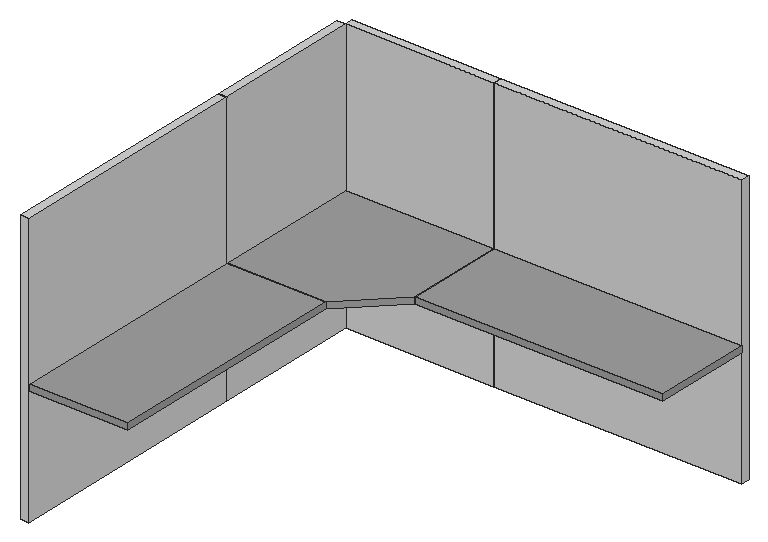
Revit family
Parameters (values of type "96" x 96"")
  Assembly Code = "E2020"
  Cube Panel Material = Textile - Light Gray
  Desktop Height = 2' - 6"
  Desktop1 Width = 2' - 0"
  Desktop2 Width = 2' - 0"
  Panel Height = 5' - 6"
  Panel1 Length = 5' - 0"
  Panel2 Length = 5' - 0"
  Work Top Material = Laminate - Ivory, Matte
Reference planes (in)
  plane 1 "Center (Front/Back)": y = -19.48909
  plane 2: z = 0
  plane 3 "Center (Left/Right)": x = -5.18629
  plane 4 "Work Surface": z = 30
  plane 5: z = 66
  plane 6: z = 28.5
  plane 7: x = -3.18629
  plane 8: y = -21.48909
  plane 9: x = 32.81371
  plane 10: x = 92.81371
  plane 11: y = -117.48909
  plane 12: y = -57.48909
  plane 13: x = 20.81371
  plane 14: y = -45.48909
Forms (in)
  Extrusion 1, solid, material "Textile - Light Gray" <- "Cube Panel Material"
    sketch origin (0, 0, 0) x (1, 0, 0) y (0, 1, 0)
      loop
        line (-5.18629, -117.48909) -> (-3.18629, -117.48909) -> (-3.18629, -57.48909) -> (-5.18629, -57.48909) -> (-5.18629, -117.48909)
    from 0 to 66
  Extrusion 2, solid, material "Textile - Light Gray" <- "Cube Panel Material"
    sketch origin (0, 0, 0) x (1, 0, 0) y (0, 1, 0)
      loop
        line (-5.18629, -57.48909) -> (-3.18629, -57.48909) -> (-3.18629, -21.48909) -> (-5.18629, -21.48909) -> (-5.18629, -57.48909)
    from 0 to 66
  Extrusion 3, solid, material "Textile - Light Gray" <- "Cube Panel Material"
    sketch origin (0, 0, 0) x (1, 0, 0) y (0, 1, 0)
      loop
        line (-3.18629, -21.48909) -> (32.81371, -21.48909) -> (32.81371, -19.48909) -> (-3.18629, -19.48909) -> (-3.18629, -21.48909)
    from 0 to 66
  Extrusion 4, solid, material "Textile - Light Gray" <- "Cube Panel Material"
    sketch origin (0, 0, 0) x (1, 0, 0) y (0, 1, 0)
      loop
        line (32.81371, -21.48909) -> (92.81371, -21.48909) -> (92.81371, -19.48909) -> (32.81371, -19.48909) -> (32.81371, -21.48909)
    from 0 to 66
  Extrusion 5, solid, material "Laminate - Ivory, Matte" <- "Work Top Material"
    sketch origin (0, 0, 0) x (1, 0, 0) y (0, 1, 0)
      loop
        line (-3.18629, -117.48909) -> (20.81371, -117.48909) -> (20.81371, -57.48909) -> (-3.18629, -57.48909) -> (-3.18629, -117.48909)
      loop
        line (32.81371, -45.48909) -> (92.81371, -45.48909) -> (92.81371, -21.48909) -> (32.81371, -21.48909) -> (32.81371, -45.48909)
    from 28.5 to 30
  Extrusion 6, solid, material "Laminate - Ivory, Matte" <- "Work Top Material"
    sketch origin (0, 0, 0) x (1, 0, 0) y (0, 1, 0)
      loop
        line (-3.18629, -57.48909) -> (20.81371, -57.48909) -> (32.81371, -45.48909) -> (32.81371, -21.48909) -> (-3.18629, -21.48909) -> (-3.18629, -57.48909)
    from 28.5 to 30
Lines and regions (in)
  Masking region 1
    outline origin (0, 0, 0) x (1, 0, 0) y (0, 1, 0)
      loop
        line (-5.18629, -21.48909) -> (-5.18629, -117.48909) -> (-3.18629, -117.48909) -> (-3.18629, -21.48909) -> (-5.18629, -21.48909)
  Masking region 2
    outline origin (0, 0, 0) x (1, 0, 0) y (0, 1, 0)
      loop
        line (-3.18629, -19.48909) -> (-3.18629, -21.48909) -> (92.81371, -21.48909) -> (92.81371, -19.48909) -> (-3.18629, -19.48909)
  Masking region 3
    outline origin (0, 0, 30) x (1, 0, 0) y (0, 1, 0)
      loop
        line (-3.18629, -21.48909) -> (-3.18629, -117.48909) -> (20.81371, -117.48909) -> (20.81371, -57.48909) -> (32.81371, -45.48909) -> (92.81371, -45.48909) -> (92.81371, -21.48909) -> (-3.18629, -21.48909)
  symbolic lines
    curve 1: line (32.81371, -21.48909, 0) -> (32.81371, -19.48909, 0)
    curve 2: line (-3.18629, -57.48909, 0) -> (-5.18629, -57.48909, 0)
    curve 3: line (32.81371, -45.48909, 30) -> (32.81371, -21.48909, 30)
    curve 4: line (20.81371, -57.48909, 30) -> (-3.18629, -57.48909, 30)
Dimensions and locks (in)
  "Panel Height": plane 5 to plane 2
  "Desktop Height": plane 4 "Work Surface" to plane 2
  locked: plane 6 to plane 4 "Work Surface" at 1.5
  locked: plane 7 to plane 9 at 36
  "Panel2 Length": plane 9 to plane 10
  plane 3 "Center (Left/Right)" to plane 10 = 8' - 2"
  plane 11 to plane 1 "Center (Front/Back)" = 8' - 2"
  locked: plane 12 to plane 8 at 36
  "Panel1 Length": plane 11 to plane 12
  locked: plane 8 to plane 1 "Center (Front/Back)" at 2
  locked: plane 3 "Center (Left/Right)" to plane 7 at 2
  "Desktop1 Width": plane 7 to plane 13
  "Desktop2 Width": plane 14 to plane 8
  aligned and locked: Extrusion 1 to plane 5
  aligned and locked: Extrusion 2 to plane 5
  aligned and locked: Extrusion 4 to plane 5
  aligned and locked: Extrusion 3 to plane 5
  aligned and locked: Extrusion 5 to plane 4 "Work Surface"
  aligned and locked: Extrusion 6 to plane 4 "Work Surface"
  aligned and locked: plane 6 to Extrusion 5
  aligned and locked: plane 6 to Extrusion 6
  aligned and locked: plane 3 "Center (Left/Right)" to Masking region 1 sketch curve
  aligned and locked: Masking region 1 sketch curve to plane 11
  aligned and locked: Masking region 1 sketch curve to plane 7
  aligned and locked: plane 8 to Masking region 1 sketch curve
  aligned and locked: plane 1 "Center (Front/Back)" to Masking region 2 sketch curve
  aligned and locked: Masking region 2 sketch curve to plane 8
  aligned and locked: plane 10 to Masking region 2 sketch curve
  aligned and locked: plane 7 to Masking region 2 sketch curve
  aligned and locked: plane 10 to Masking region 3 sketch curve
  aligned and locked: plane 8 to Masking region 3 sketch curve
  aligned and locked: plane 7 to Masking region 3 sketch curve
  aligned and locked: Masking region 3 sketch curve to Extrusion 5  (x2)
  aligned and locked: Masking region 3 sketch curve to Extrusion 6
Automatic sketch dimensions
  Extrusion 6 sketch curve to plane 13 = 0' - 0"
  Extrusion 6 sketch curve to plane 14 = 0' - 0"
  Masking region 3 sketch curve to plane 11 = 0' - 0"
  curve 2 to plane 3 "Center (Left/Right)" = 0' - 0"
  curve 2 to plane 7 = 0' - 0"
  curve 1 to plane 1 "Center (Front/Back)" = 0' - 0"
  curve 1 to plane 9 = 0' - 0"
  curve 2 to plane 12 = 0' - 0"
  curve 1 to plane 8 = 0' - 0"
  curve 4 to plane 7 = 0' - 0"
  curve 4 to plane 12 = 0' - 0"
  curve 4 to plane 13 = 0' - 0"
  curve 3 to plane 8 = 0' - 0"
  curve 3 to plane 9 = 0' - 0"
  curve 3 to plane 14 = 0' - 0"
